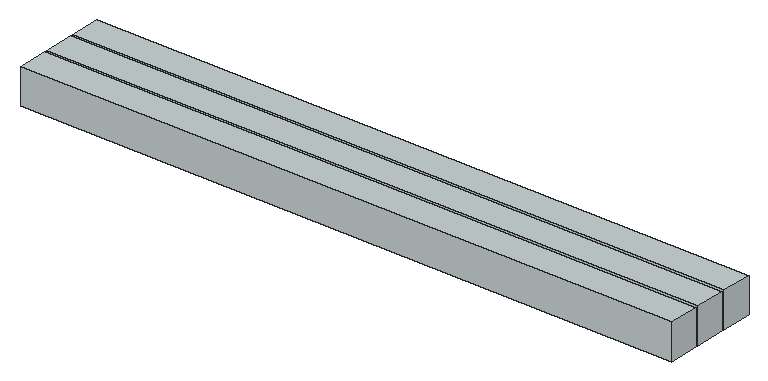
Revit family "PGS_Обобщенная модель_Перемычка составная", category Обобщенные модели, Revit 2022
Family settings
  Основа = Стена
  Может служить основой для арматурных стержней = Нет
  Размер круглого соединителя = Использовать диаметр
  Тип детали = Нормальный
  Всегда вертикально = Да
  При загрузке вырезать с полостями = Нет
  Сохранять ориентацию аннотаций = Нет
  Общий = Да
  Точка принадлежности помещению = Нет
Parameters (values of type "Перемычка составная")
  уголок_опирание [instance] = if(Уголок_Опирание < 100 mm, 100 mm, Уголок_Опирание)  # 250 mm
  толщина стены [instance] = Толщина стены  # 620 mm
  размер четверти [instance] = if(N = 1, 0 mm, if([1-ый элемент перемычки с четвертью], Размер четверти, 0 mm))  # 0 mm
  Ширина проема [instance] = 1010 mm
  Уголок_Опирание [instance] = 250 mm
  Расч_b [instance] = if(N = 1, if(Перемычка 1_Уголок, 0 mm, b), if(b > Толщина сердцевины, Толщина сердцевины, b) + Толщина утеплителя - if(and(Перемычка 1_Уголок, Толщина утеплителя > 0 mm), size_lookup(ТВ2, "t", 2 mm, [Тип 1-го элемента]), 0 mm) + if(and(Перемычка 1_Брусок, Толщина утеплителя > 0 mm), B1, 0 mm))  # 380 mm
  Орг.ТипВключатьВСпецификацию [instance] = no
  Орг.ИзделиеТипПодсчета [instance] = 200  # constant formula
  Мрк.МаркаКонструкции [instance] = ""
  Линия_Длина [instance] = if(and(Перемычка 6, Брусок_Длина_6 > Брусок_Длина_5), Брусок_Длина_6, if(and(Перемычка 5, Брусок_Длина_5 > Брусок_Длина_4), Брусок_Длина_5, if(and(Перемычка 4, Брусок_Длина_4 > Брусок_Длина_3), Брусок_Длина_4, if(and(Перемычка 3, Брусок_Длина_3 > Брусок_Длина_2), Брусок_Длина_3, if(Перемычка 1_Брусок, if(and(Перемычка 2, Брусок_Длина_2 > Брусок_Длина_1), Брусок_Длина_2, Брусок_Длина_1), if(and(Перемычка 2, Брусок_Длина_2 > Уголок_Длина), Брусок_Длина_2, Уголок_Длина))))))  # 2590 mm
  Зазор [instance] = if(Толщина утеплителя > 0 mm, if(N = 2, 0 mm, if(N = 3, Толщина сердцевины - B2 - B3, if(N = 4, (Толщина сердцевины - B2 - B3 - B4) / 2, if(N = 5, (Толщина сердцевины - B2 - B3 - B4 - B5) / 3, if(N = 6, (Толщина сердцевины - B2 - B3 - B4 - B5 - B6) / 4, 0 mm))))), if(N = 1, 0 mm, if(N = 2, Толщина сердцевины - B1 - B2, if(N = 3, (Толщина сердцевины - B1 - B2 - B3) / 2, if(N = 4, (Толщина сердцевины - B1 - B2 - B3 - B4) / 3, if(N = 5, (Толщина сердцевины - B1 - B2 - B3 - B4 - B5) / 4, if(N = 6, (Толщина сердцевины - B1 - B2 - B3 - B4 - B5 - B6) / 5, 0 mm)))))))  # 10 mm
  m_уголка на м.п. [instance] = size_lookup(ТВ2, "ADSK_Масса на единицу длины", 0.00 kg/m, [Тип 1-го элемента])  # 0.00 kg/m
  m_уголка [instance] = m_уголка на м.п. * Уголок_Длина  # 0.00 kg
  m6 [instance] = if(Перемычка 6, size_lookup(ТВ1, "Масса", 0.00 kg, [Тип 6-го элемента]), 0.00 kg)  # 0.00 kg
  m5 [instance] = if(Перемычка 5, size_lookup(ТВ1, "Масса", 0.00 kg, [Тип 5-го элемента]), 0.00 kg)  # 0.00 kg
  m4 [instance] = if(Перемычка 4, size_lookup(ТВ1, "Масса", 0.00 kg, [Тип 4-го элемента]), 0.00 kg)  # 0.00 kg
  m3 [instance] = if(Перемычка 3, size_lookup(ТВ1, "Масса", 0.00 kg, [Тип 3-го элемента]), 0.00 kg)  # 109.00 kg
  m2 [instance] = if(Перемычка 2, size_lookup(ТВ1, "Масса", 0.00 kg, [Тип 2-го элемента]), 0.00 kg)  # 109.00 kg
  m1 [instance] = if(Перемычка 1_Брусок, size_lookup(ТВ1, "Масса", 0.00 kg, [Тип 1-го элемента]), if(Перемычка 1_Уголок, m_уголка, 0.00 kg))  # 109.00 kg
  PGS_МаркаПеремычки [instance] = ""
  ADSK_Обозначение [instance] = ""
  ADSK_Наименование [instance] = "Перемычка сборная"  # constant formula
  ADSK_Масса элемента [instance] = m1 + m2 + m3 + m4 + m5 + m6  # 327.00 kg
  ADSK_Марка [instance] = ""
  ADSK_Количество [instance] = N  # 3
  ADSK_Версия семейства = "1.1"  # constant formula
  ADSK_Версия Revit = "2021"  # constant formula
  1-ый элемент перемычки с четвертью [instance] = yes
  Толщина утеплителя [instance] = 0 mm
  Толщина сердцевины [instance] = 380 mm
  Толщина наружной отделки [instance] = 220 mm
  Толщина внутренней отделки [instance] = 20 mm
  Тип 6-го элемента [instance] = "5ПБ 18-27"
  Тип 5-го элемента [instance] = "2ПБ 26-4"
  Тип 4-го элемента [instance] = "2ПБ 26-4"
  Тип 3-го элемента [instance] = "2ПБ 26-4"
  Тип 2-го элемента [instance] = "2ПБ 26-4"
  Тип 1-го элемента [instance] = "2ПБ 26-4"
  ТВ2 = "Уголок_ГОСТ 8509-93"  # constant formula
  ТВ1 = "Перемычки с.1.038.1-1в1.2.4.5"  # constant formula
  толщина внутренней отделки [instance] = if(Толщина стены - Толщина внутренней отделки - Толщина наружной отделки = Толщина сердцевины, Толщина внутренней отделки, Толщина стены - Толщина внутренней отделки)  # 20 mm
  Размер четверти [instance] = 0 mm
  Перемычка 6 [instance] = N > 5  # no
  Перемычка 5 [instance] = N > 4  # no
  Перемычка 4 [instance] = N > 3  # no
  Перемычка 3 [instance] = N > 2  # yes
  Перемычка 2 [instance] = N > 1  # yes
  Перемычка 1_Уголок [instance] = not(Перемычка 1_Брусок)  # no
  Перемычка 1_Брусок [instance] = size_lookup(ТВ1, "ADSK_Группа конструкций", 0, [Тип 1-го элемента]) > 0  # yes
  Отметка по умолчанию = 0 mm
  Отметка перемычки [instance] = 2000 mm
  Описание = "Перемычка"  # constant formula
  Обозначение бруска ГОСТ/Серия [instance] = yes
  Уголок_Длина [instance] = Ширина проема + 2 * уголок_опирание  # 1510 mm
  Толщина стены [instance] = 620 mm
  Брусок_Длина_6 [instance] = size_lookup(ТВ1, "L", 120 mm, [Тип 6-го элемента])  # 1810 mm
  Брусок_Длина_5 [instance] = size_lookup(ТВ1, "L", 120 mm, [Тип 5-го элемента])  # 2590 mm
  Брусок_Длина_4 [instance] = size_lookup(ТВ1, "L", 120 mm, [Тип 4-го элемента])  # 2590 mm
  Брусок_Длина_3 [instance] = size_lookup(ТВ1, "L", 120 mm, [Тип 3-го элемента])  # 2590 mm
  Брусок_Длина_2 [instance] = size_lookup(ТВ1, "L", 120 mm, [Тип 2-го элемента])  # 2590 mm
  Брусок_Длина_1 [instance] = size_lookup(ТВ1, "L", 1030 mm, [Тип 1-го элемента])  # 2590 mm
  lmin_6 [instance] = size_lookup(ТВ1, "lmin", 100 mm, [Тип 6-го элемента])  # 170 mm
  lmin5 [instance] = size_lookup(ТВ1, "lmin", 100 mm, [Тип 5-го элемента])  # 100 mm
  lmin4 [instance] = size_lookup(ТВ1, "lmin", 100 mm, [Тип 4-го элемента])  # 100 mm
  lmin3 [instance] = size_lookup(ТВ1, "lmin", 100 mm, [Тип 3-го элемента])  # 100 mm
  lmin_2 [instance] = size_lookup(ТВ1, "lmin", 100 mm, [Тип 2-го элемента])  # 100 mm
  lmin_1 [instance] = size_lookup(ТВ1, "lmin", 100 mm, [Тип 1-го элемента])  # 100 mm
  N [instance] = if(Толщина утеплителя > 0 mm, if(Толщина сердцевины - B2 < 120 mm, 2, if(Толщина сердцевины - B2 - B3 < 120 mm, 3, if(Толщина сердцевины - B2 - B3 - B4 < 120 mm, 4, if(Толщина сердцевины - B2 - B3 - B4 - B5 < 120 mm, 5, if(Толщина сердцевины - B2 - B3 - B4 - B5 - B6 < 120 mm, 6, 0))))), if((Толщина сердцевины - B1) < 120 mm, 1, if((Толщина сердцевины - B1 - B2) < 120 mm, 2, if((Толщина сердцевины - B1 - B2 - B3) < 120 mm, 3, if((Толщина сердцевины - B1 - B2 - B3 - B4) < 120 mm, 4, if((Толщина сердцевины - B1 - B2 - B3 - B4 - B5) < 120 mm, 5, if((Толщина сердцевины - B1 - B2 - B3 - B4 - B5 - B6) < 120 mm, 6, 0)))))))  # 3
  Зазор между брусками [instance] = if(Зазор < 0 mm, 10 mm, Зазор)  # 10 mm
  b6 [instance] = B6 + Зазор между брусками  # 260 mm
  b5 [instance] = B5 + Зазор между брусками  # 130 mm
  b4 [instance] = B4 + Зазор между брусками  # 130 mm
  b3 [instance] = B3 + Зазор между брусками  # 130 mm
  b2 [instance] = B2 + Зазор между брусками  # 130 mm
  b1 [instance] = if(Перемычка 1_Брусок, if(N = 1, (Толщина сердцевины + B1) / 2, if(Толщина утеплителя = 0 mm, B1 + Зазор между брусками, B1 + Толщина утеплителя)), if(N = 1, Толщина утеплителя, if(Толщина утеплителя = 0 mm, Толщина утеплителя, Толщина утеплителя - size_lookup(ТВ2, "t", 2 mm, [Тип 1-го элемента]))))  # 130 mm
  b/2 [instance] = if(N = 1, Толщина стены / 2, if(Толщина утеплителя > 0 mm, (b - b1) / 2, b / 2))  # 190 mm
  b [instance] = if(Перемычка 1_Брусок, b1, 0 mm) + if(Перемычка 2, b2, 0 mm) + if(Перемычка 3, b3, 0 mm) + if(Перемычка 4, b4, 0 mm) + if(Перемычка 5, b5, 0 mm) + if(Перемычка 6, b6, 0 mm) + if(Перемычка 1_Уголок, if(Толщина утеплителя = 0 mm, -Зазор между брусками, Толщина утеплителя - size_lookup(ТВ2, "t", 2 mm, [Тип 1-го элемента]) - Зазор между брусками), -Зазор между брусками)  # 380 mm
  B6 [instance] = size_lookup(ТВ1, "b", 120 mm, [Тип 6-го элемента])  # 250 mm
  B5 [instance] = size_lookup(ТВ1, "b", 120 mm, [Тип 5-го элемента])  # 120 mm
  B4 [instance] = size_lookup(ТВ1, "b", 120 mm, [Тип 4-го элемента])  # 120 mm
  B3 [instance] = size_lookup(ТВ1, "b", 120 mm, [Тип 3-го элемента])  # 120 mm
  B2 [instance] = size_lookup(ТВ1, "b", 120 mm, [Тип 2-го элемента])  # 120 mm
  B1 [instance] = size_lookup(ТВ1, "b", 120 mm, [Тип 1-го элемента])  # 120 mm
  ADSK_Распределенная нагрузка по линии [instance] = if(and(Перемычка 1_Брусок, Толщина утеплителя > 0 mm), size_lookup(ТВ1, "Нагрузка", 0.00 kN/m, [Тип 1-го элемента]), 0.00 kN/m) + if(Перемычка 2, size_lookup(ТВ1, "Нагрузка", 0.00 kN/m, [Тип 2-го элемента]), 0.00 kN/m) + if(Перемычка 3, size_lookup(ТВ1, "Нагрузка", 0.00 kN/m, [Тип 3-го элемента]), 0.00 kN/m) + if(Перемычка 4, size_lookup(ТВ1, "Нагрузка", 0.00 kN/m, [Тип 4-го элемента]), 0.00 kN/m) + if(Перемычка 5, size_lookup(ТВ1, "Нагрузка", 0.00 kN/m, [Тип 5-го элемента]), 0.00 kN/m) + if(Перемычка 6, size_lookup(ТВ1, "Нагрузка", 0.00 kN/m, [Тип 6-го элемента]), 0.00 kN/m)  # 7.84 kN/m
  ADSK_Позиция_Сортировка [instance] = if(Перемычка 1_Брусок, size_lookup(ТВ1, "ADSK_Группа конструкций", 0, [Тип 1-го элемента]), size_lookup(ТВ2, "ADSK_Группа конструкций", 0, [Тип 1-го элемента]) * Уголок_Длина / 1000 mm) * 10000000000 + if(Перемычка 2, size_lookup(ТВ1, "ADSK_Группа конструкций", 0, [Тип 2-го элемента]), 0) * 100000000 + if(Перемычка 3, size_lookup(ТВ1, "ADSK_Группа конструкций", 0, [Тип 3-го элемента]), 0) * 1000000 + if(Перемычка 4, size_lookup(ТВ1, "ADSK_Группа конструкций", 0, [Тип 4-го элемента]), 0) * 10000 + if(Перемычка 5, size_lookup(ТВ1, "ADSK_Группа конструкций", 0, [Тип 5-го элемента]), 0) * 100 + if(Перемычка 6, size_lookup(ТВ1, "ADSK_Группа конструкций", 0, [Тип 6-го элемента]), 0) + if(размер четверти > 0 mm, 0.1, 0) + if(Толщина утеплителя > 0 mm, 0.2, 0)  # 181818000000
  ADSK_Группирование [instance] = "Родительское"
  ADSK_Группа конструкций [instance] = 6
Reference planes
  plane 1 "Стена": y = 0
  plane 2 "По центру (Влево/Вправо)": x = 125
  plane 3 "Сзади": y = 310
  plane 4: y = -290
  plane 5: y = 90
  plane 6: y = -40
  plane 7: y = -170
  plane 8: y = -300
  plane 9: y = -430
  plane 10: y = -560
  plane 11 "Плоскость отметки": z = 2000
  plane 12: y = -100
  plane 13: z = 2000
  plane 14: y = -310
  plane 15: z = 0
  plane 16: x = -380
  plane 17: x = 630
  plane 18: x = -630
  plane 19: x = 880
  plane 20: x = -1170
  plane 21: x = 1420
Lines and regions (mm)
  model lines, style "InvisibleLines", not visible
    curve 1: line (125, 0, 2000) -> (125, 0, 0)
  symbolic lines, style "Условные элементы", detail levels coarse
    curve 2: line (-1170, -100, 0) -> (1420, -100, 0)
Text (mm)
  text "Сторона размещения" at (-1848.837, 1116.779, 0), in view "Опорный уровень"
  text "Сторона размещения" at (0, 1409.804, 2854.306), in view "Слева"
  text "Сторона размещения" at (0, 499.811, 2980.732), in view "Справа"
Dimensions and locks
  locked: plane 3 "Сзади" to host wall
  "b1": plane 5 to plane 6
  "b2": plane 6 to plane 7
  "b3": plane 7 to plane 8
  "b4": plane 8 to plane 9
  "b5": plane 9 to plane 10
  "Толщина сердцевины": host wall to host wall
  "размер четверти": plane 11 "Плоскость отметки" to plane 13
  "Расч_b": plane 5 to plane 4
  "Толщина внутренней отделки": host wall to host wall
  "толщина внутренней отделки": plane 4 to plane 14
  "Толщина стены": host wall to host wall
  "толщина стены": plane 3 "Сзади" to plane 14
  "Отметка перемычки": plane 11 "Плоскость отметки" to plane 15
  "Толщина наружной отделки": host wall to host wall
  equal spacing: host wall, plane 12, host wall
  equal spacing: plane 16, plane 2 "По центру (Влево/Вправо)", plane 17
  "Ширина проема": plane 16 to plane 17
  "уголок_опирание": plane 17 to plane 19
  "уголок_опирание": plane 18 to plane 16
  equal spacing: plane 20, plane 2 "По центру (Влево/Вправо)", plane 21
  "Линия_Длина": plane 20 to plane 21
  aligned and locked: plane 1 "Стена" to host wall
  aligned and locked: plane 2 "По центру (Влево/Вправо)" to nested 1
  aligned and locked: plane 2 "По центру (Влево/Вправо)" to nested 2
  aligned and locked: plane 2 "По центру (Влево/Вправо)" to nested 3
  aligned and locked: plane 2 "По центру (Влево/Вправо)" to nested 4
  aligned and locked: plane 2 "По центру (Влево/Вправо)" to nested 5
  aligned and locked: plane 2 "По центру (Влево/Вправо)" to nested 6
  aligned and locked: plane 5 to nested 6
  aligned and locked: plane 6 to nested 5
  aligned and locked: plane 7 to nested 4
  aligned and locked: plane 8 to nested 3
  aligned and locked: plane 9 to nested 2
  aligned and locked: plane 10 to nested 1
  aligned and locked: plane 13 to nested 7
  aligned and locked: level to plane 15
  aligned and locked: plane 2 "По центру (Влево/Вправо)" to curve 1
  aligned and locked: curve 2 to plane 12
  aligned and locked: plane 5 to nested 7
  aligned and locked: nested 7 to plane 2 "По центру (Влево/Вправо)"
  aligned and locked: plane 20 to curve 2
  aligned and locked: plane 21 to curve 2
Automatic sketch dimensions
  curve 1 to level = 0 mm
  curve 1 to plane 11 "Плоскость отметки" = 0 mm
Nested families
  nested 1: "ADSK_Обобщенная модель_Элемент перемычки" at (125, -685, 2000), visible <- "Перемычка 6", Тип элемента <- "Тип 6-го элемента", ADSK_Группа конструкций <- "ADSK_Группа конструкций", Обозначение ГОСТ/Серия <- "Обозначение бруска ГОСТ/Серия", ADSK_Марка <- "ADSK_Марка", Орг.ТипВключатьВСпецификацию <- "Орг.ТипВключатьВСпецификацию", Мрк.МаркаКонструкции <- "Мрк.МаркаКонструкции", type "ADSK_Обобщенная модель_Элемент перемычки", detail levels medium+fine
    with Ширина 250 mm, Тип элемента "5ПБ 18-27", Смещение по вертикали 110 mm, Орг.ТипВключатьВСпецификацию no, Орг.ИзделиеТипПодсчета 100, Обозначение ГОСТ/Серия yes, Назначение "Для жилых и общественных зданий", Монтажные петли no, Материал ADSK_Бетон_Железобетон сборный, МПиАВ 0, Длина 1810 mm, Высота 220 mm, Анкерные выпуски no, lmin 170 mm, PGS_МаркаПеремычки "", ADSK_Распределенная нагрузка по линии 27.50 kN/m, ADSK_Позиция ведомость элементов "", ADSK_Обозначение "ГОСТ 948-2016", ADSK_НаименованиеСоставное_Текст1 "Перемычка брусковая", ADSK_Наименование "5ПБ 18-27", ADSK_Масса элемента 250.00 kg, Мрк.МаркаКонструкции "", Мрк.МаркаИзделия "", ADSK_Марка "", ADSK_Количество 1, ADSK_Группирование "Вложенное", ADSK_Группа конструкций 6, ADSK_Главная деталь конструкции no
  nested 2: "ADSK_Обобщенная модель_Элемент перемычки" at (125, -490, 2000), visible <- "Перемычка 5", Тип элемента <- "Тип 5-го элемента", ADSK_Группа конструкций <- "ADSK_Группа конструкций", Обозначение ГОСТ/Серия <- "Обозначение бруска ГОСТ/Серия", ADSK_Марка <- "ADSK_Марка", Орг.ТипВключатьВСпецификацию <- "Орг.ТипВключатьВСпецификацию", Мрк.МаркаКонструкции <- "Мрк.МаркаКонструкции", type "ADSK_Обобщенная модель_Элемент перемычки", detail levels medium+fine
    with Ширина 120 mm, Тип элемента "2ПБ 26-4", Смещение по вертикали 70 mm, Орг.ТипВключатьВСпецификацию no, Орг.ИзделиеТипПодсчета 100, Обозначение ГОСТ/Серия yes, Назначение "Для жилых и общественных зданий", Монтажные петли no, Материал ADSK_Бетон_Железобетон сборный, МПиАВ 0, Длина 2590 mm, Высота 140 mm, Анкерные выпуски no, lmin 100 mm, PGS_МаркаПеремычки "", ADSK_Распределенная нагрузка по линии 3.92 kN/m, ADSK_Позиция ведомость элементов "", ADSK_Обозначение "ГОСТ 948-2016", ADSK_НаименованиеСоставное_Текст1 "Перемычка брусковая", ADSK_Наименование "2ПБ 26-4", ADSK_Масса элемента 109.00 kg, Мрк.МаркаКонструкции "", Мрк.МаркаИзделия "", ADSK_Марка "", ADSK_Количество 1, ADSK_Группирование "Вложенное", ADSK_Группа конструкций 6, ADSK_Главная деталь конструкции no
  nested 3: "ADSK_Обобщенная модель_Элемент перемычки" at (125, -360, 2000), visible <- "Перемычка 4", Тип элемента <- "Тип 4-го элемента", ADSK_Группа конструкций <- "ADSK_Группа конструкций", Обозначение ГОСТ/Серия <- "Обозначение бруска ГОСТ/Серия", ADSK_Марка <- "ADSK_Марка", Орг.ТипВключатьВСпецификацию <- "Орг.ТипВключатьВСпецификацию", Мрк.МаркаКонструкции <- "Мрк.МаркаКонструкции", type "ADSK_Обобщенная модель_Элемент перемычки", detail levels medium+fine
    with Ширина 120 mm, Тип элемента "2ПБ 26-4", Смещение по вертикали 70 mm, Орг.ТипВключатьВСпецификацию no, Орг.ИзделиеТипПодсчета 100, Обозначение ГОСТ/Серия yes, Назначение "Для жилых и общественных зданий", Монтажные петли no, Материал ADSK_Бетон_Железобетон сборный, МПиАВ 0, Длина 2590 mm, Высота 140 mm, Анкерные выпуски no, lmin 100 mm, PGS_МаркаПеремычки "", ADSK_Распределенная нагрузка по линии 3.92 kN/m, ADSK_Позиция ведомость элементов "", ADSK_Обозначение "ГОСТ 948-2016", ADSK_НаименованиеСоставное_Текст1 "Перемычка брусковая", ADSK_Наименование "2ПБ 26-4", ADSK_Масса элемента 109.00 kg, Мрк.МаркаКонструкции "", Мрк.МаркаИзделия "", ADSK_Марка "", ADSK_Количество 1, ADSK_Группирование "Вложенное", ADSK_Группа конструкций 6, ADSK_Главная деталь конструкции no
  nested 4: "ADSK_Обобщенная модель_Элемент перемычки" at (125, -230, 2000), visible <- "Перемычка 3", Тип элемента <- "Тип 3-го элемента", ADSK_Группа конструкций <- "ADSK_Группа конструкций", Обозначение ГОСТ/Серия <- "Обозначение бруска ГОСТ/Серия", ADSK_Марка <- "ADSK_Марка", Орг.ТипВключатьВСпецификацию <- "Орг.ТипВключатьВСпецификацию", Мрк.МаркаКонструкции <- "Мрк.МаркаКонструкции", type "ADSK_Обобщенная модель_Элемент перемычки", detail levels medium+fine
    with Ширина 120 mm, Тип элемента "2ПБ 26-4", Смещение по вертикали 70 mm, Орг.ТипВключатьВСпецификацию no, Орг.ИзделиеТипПодсчета 100, Обозначение ГОСТ/Серия yes, Назначение "Для жилых и общественных зданий", Монтажные петли no, Материал ADSK_Бетон_Железобетон сборный, МПиАВ 0, Длина 2590 mm, Высота 140 mm, Анкерные выпуски no, lmin 100 mm, PGS_МаркаПеремычки "", ADSK_Распределенная нагрузка по линии 3.92 kN/m, ADSK_Позиция ведомость элементов "", ADSK_Обозначение "ГОСТ 948-2016", ADSK_НаименованиеСоставное_Текст1 "Перемычка брусковая", ADSK_Наименование "2ПБ 26-4", ADSK_Масса элемента 109.00 kg, Мрк.МаркаКонструкции "", Мрк.МаркаИзделия "", ADSK_Марка "", ADSK_Количество 1, ADSK_Группирование "Вложенное", ADSK_Группа конструкций 6, ADSK_Главная деталь конструкции no
  nested 5: "ADSK_Обобщенная модель_Элемент перемычки" at (125, -100, 2000), visible <- "Перемычка 2", Тип элемента <- "Тип 2-го элемента", ADSK_Группа конструкций <- "ADSK_Группа конструкций", Обозначение ГОСТ/Серия <- "Обозначение бруска ГОСТ/Серия", ADSK_Марка <- "ADSK_Марка", Орг.ТипВключатьВСпецификацию <- "Орг.ТипВключатьВСпецификацию", Мрк.МаркаКонструкции <- "Мрк.МаркаКонструкции", type "ADSK_Обобщенная модель_Элемент перемычки", detail levels medium+fine
    with Ширина 120 mm, Тип элемента "2ПБ 26-4", Смещение по вертикали 70 mm, Орг.ТипВключатьВСпецификацию no, Орг.ИзделиеТипПодсчета 100, Обозначение ГОСТ/Серия yes, Назначение "Для жилых и общественных зданий", Монтажные петли no, Материал ADSK_Бетон_Железобетон сборный, МПиАВ 0, Длина 2590 mm, Высота 140 mm, Анкерные выпуски no, lmin 100 mm, PGS_МаркаПеремычки "", ADSK_Распределенная нагрузка по линии 3.92 kN/m, ADSK_Позиция ведомость элементов "", ADSK_Обозначение "ГОСТ 948-2016", ADSK_НаименованиеСоставное_Текст1 "Перемычка брусковая", ADSK_Наименование "2ПБ 26-4", ADSK_Масса элемента 109.00 kg, Мрк.МаркаКонструкции "", Мрк.МаркаИзделия "", ADSK_Марка "", ADSK_Количество 1, ADSK_Группирование "Вложенное", ADSK_Группа конструкций 6, ADSK_Главная деталь конструкции no
  nested 6: "ADSK_Обобщенная модель_Элемент перемычки" at (125, 30, 2000), visible <- "Перемычка 1_Брусок", Тип элемента <- "Тип 1-го элемента", ADSK_Группа конструкций <- "ADSK_Группа конструкций", Обозначение ГОСТ/Серия <- "Обозначение бруска ГОСТ/Серия", ADSK_Марка <- "ADSK_Марка", Орг.ТипВключатьВСпецификацию <- "Орг.ТипВключатьВСпецификацию", Мрк.МаркаКонструкции <- "Мрк.МаркаКонструкции", type "ADSK_Обобщенная модель_Элемент перемычки", detail levels medium+fine
    with Ширина 120 mm, Тип элемента "2ПБ 26-4", Смещение по вертикали 70 mm, Орг.ТипВключатьВСпецификацию no, Орг.ИзделиеТипПодсчета 100, Обозначение ГОСТ/Серия yes, Назначение "Для жилых и общественных зданий", Монтажные петли no, Материал ADSK_Бетон_Железобетон сборный, МПиАВ 0, Длина 2590 mm, Высота 140 mm, Анкерные выпуски no, lmin 100 mm, PGS_МаркаПеремычки "", ADSK_Распределенная нагрузка по линии 3.92 kN/m, ADSK_Позиция ведомость элементов "", ADSK_Обозначение "ГОСТ 948-2016", ADSK_НаименованиеСоставное_Текст1 "Перемычка брусковая", ADSK_Наименование "2ПБ 26-4", ADSK_Масса элемента 109.00 kg, Мрк.МаркаКонструкции "", Мрк.МаркаИзделия "", ADSK_Марка "", ADSK_Количество 1, ADSK_Группирование "Вложенное", ADSK_Группа конструкций 6, ADSK_Главная деталь конструкции yes
  nested 7: "ADSK_ОбобщеннаяМодель_Уголок_ГОСТ 8509-93" at (125, 90, 2000) x (-1, 0, 0) z (0, 0, 1), Тип уголка <- "Тип 1-го элемента", visible <- "Перемычка 1_Уголок", Мрк.МаркаКонструкции <- "Мрк.МаркаКонструкции", Орг.ТипВключатьВСпецификацию <- "Орг.ТипВключатьВСпецификацию", ADSK_Масса элемента <- "m_уголка", type "ADSK_ОбобщеннаяМодель_Уголок_ГОСТ 8509-93", detail levels medium+fine
    with Тип уголка "2ПБ 26-4", Смещение по Z yes, Смещение по Y yes, Профиль развернут no, Орг.ТипВключатьВСпецификацию no, Орг.ИзделиеТипПодсчета 100, t 0.3 cm, r 0.12 cm, iyo 0.0 cm, ix 0.0 cm, b 2.0 cm, Z 1.2 mm, Y 1.2 mm, Xo 0.12 cm, Wyo 0.0 cm³, Wx 0.0 cm³, R 0.35 cm, PGS_МаркаПеремычки "", Iyo 0.00 cm⁴, Ixy 0.00 cm⁴, Ixo 0.00 cm⁴, Ix 0.00 cm⁴, ADSK_Тип элемента КМ 2, ADSK_Размер_Длина 1510 mm, ADSK_Позиция ведомость элементов "", ADSK_Наименование профиля "Уголки стальные горячекатаные равнополочные", ADSK_Наименование краткое "Неверный тип уголка", ADSK_Наименование "Неверный тип уголка", ADSK_Материал ADSK_Металл_Сталь литейная, ADSK_Масса элемента 0.00 kg, ADSK_Масса на единицу длины 0.00 kg/m, Мрк.МаркаКонструкции "", Мрк.МаркаИзделия "", ADSK_Деталь наоборот no, ADSK_Группирование "Вложенное", ADSK_Группа конструкций 6, ADSK_Главная деталь конструкции yes, Орг.ГлавнаяДетальСборки no
Definition of nested family "ADSK_Обобщенная модель_Элемент перемычки"
  Parameters (values of type "ADSK_Обобщенная модель_Элемент перемычки")
    Ширина [instance] = size_lookup(ТВ1, "b", 120 mm, Тип элемента)  # 120 mm
    Тип элемента [instance] = "2ПБ 29-4-п"
    ТВ1 = "Перемычки с.1.038.1-1в1.4.5"  # constant formula
    Смещение по вертикали [instance] = Высота / 2  # 70 mm
    Default Elevation = 1219.2 mm
    Орг.ТипВключатьВСпецификацию [instance] = yes
    Орг.ИзделиеТипПодсчета [instance] = 100  # constant formula
    Обозначение ГОСТ/Серия [instance] = yes
    Назначение [instance] = size_lookup(ТВ1, "Назначение", "Элемент не найден", Тип элемента)  # "Для жилых и общественных зданий"
    Монтажные петли [instance] = or(МПиАВ = 1, МПиАВ = 3)  # yes
    Материал [instance] = none
    МПиАВ [instance] = size_lookup(ТВ1, "МПиАВ", 0, Тип элемента)  # 1
    Длина [instance] = size_lookup(ТВ1, "L", 1030 mm, Тип элемента)  # 2850 mm
    Высота [instance] = size_lookup(ТВ1, "h", 65 mm, Тип элемента)  # 140 mm
    Анкерные выпуски [instance] = or(МПиАВ = 2, МПиАВ = 3)  # no
    lmin [instance] = size_lookup(ТВ1, "lmin", 100 mm, Тип элемента)  # 100 mm
    PGS_МаркаПеремычки [instance] = ""
    ADSK_Распределенная нагрузка по линии [instance] = size_lookup(ТВ1, "Нагрузка", 0.00 kN/m, Тип элемента)  # 3.92 kN/m
    ADSK_Позиция ведомость элементов [instance] = ""
    ADSK_Обозначение [instance] = if([Обозначение ГОСТ/Серия], size_lookup(ТВ1, "ГОСТ", "Элемент не найден", Тип элемента), size_lookup(ТВ1, "Описание", "Элемент не найден", Тип элемента))  # "ГОСТ 948-2016"
    ADSK_НаименованиеСоставное_Текст1 [instance] = size_lookup(ТВ1, "Наименование", "Элемент не найден", Тип элемента)  # "Перемычка брусковая"
    ADSK_Наименование [instance] = size_lookup(ТВ1, "", "Элемент не найден", Тип элемента)  # "2ПБ 29-4-п"
    ADSK_Масса элемента [instance] = size_lookup(ТВ1, "Масса", 0.00 kg, Тип элемента)  # 120.00 kg
    Мрк.МаркаКонструкции [instance] = ""
    Мрк.МаркаИзделия [instance] = ""
    ADSK_Марка [instance] = ""
    ADSK_Количество [instance] = 1  # constant formula
    ADSK_Группирование [instance] = "Вложенное"  # constant formula
    ADSK_Группа конструкций [instance] = 6
    ADSK_Главная деталь конструкции [instance] = no
    Орг.ГлавнаяДетальСборки = no
    ADSK_Версия семейства = "1.0"  # constant formula
    ADSK_Версия Revit = "2021"  # constant formula
  Reference planes
    plane 1 "По центру (Вперед/Назад)": y = 0
    plane 2: z = 0
    plane 3 "По центру (Влево/Вправо)": x = 0
    plane 4: x = -1425
    plane 5: x = 1425
    plane 6: y = -60
    plane 7: y = 60
    plane 8: z = 140
  Forms (mm)
    Sweep 1, solid, material <- "Материал"
      path origin (0, 0, 0) x (1, 0, 0) y (0, 1, 0)
        loop
          line (-1425, 0) -> (1425, 0)
      profile "ADSK_Профиль_Прямоугольник : ADSK_Профиль_Прямоугольник" origin (0, 0, 0) x (0, 1, 0) y (0, 0, 1)
        loop
          line (-60, 140) -> (-60, 0) -> (60, 0) -> (60, 140) -> (-60, 140)
  Dimensions and locks
    equal spacing: plane 4, plane 3 "По центру (Влево/Вправо)", plane 5
    "Длина": plane 4 to plane 5
    equal spacing: plane 7, plane 1 "По центру (Вперед/Назад)", plane 6
    "Ширина": plane 7 to plane 6
    "Высота": plane 8 to level
    aligned and locked: level to plane 2
  Automatic sketch dimensions
    plane 1 "По центру (Вперед/Назад)" to Sweep 1 sketch curve = 0 mm
    Sweep 1 sketch curve to plane 4 = 0 mm
    Sweep 1 sketch curve to plane 5 = 0 mm
Definition of nested family "ADSK_ОбобщеннаяМодель_Уголок_ГОСТ 8509-93"
  Parameters (values of type "ADSK_ОбобщеннаяМодель_Уголок_ГОСТ 8509-93")
    Смещение по Z [instance] = no
    Смещение по Y [instance] = no
    Тип уголка [instance] = "50х5"
    ТВ = "Уголок_ГОСТ8509-93"  # constant formula
    Профиль развернут [instance] = no
    Default Elevation = 1219.2 mm
    Орг.ТипВключатьВСпецификацию [instance] = no
    Орг.ИзделиеТипПодсчета [instance] = 100  # constant formula
    r [instance] = size_lookup(ТВ, "r", 0.12 cm, ADSK_Наименование)  # 0.18 cm
    iyo [instance] = size_lookup(ТВ, "iyo", 0.0 cm, ADSK_Наименование)  # 0.98 cm
    ix [instance] = size_lookup(ТВ, "ix", 0.0 cm, ADSK_Наименование)  # 1.53 cm
    b [instance] = size_lookup(ТВ, "b", 2.0 cm, ADSK_Наименование)  # 5.0 cm
    t [instance] = size_lookup(ТВ, "t", 0.3 cm, ADSK_Наименование)  # 0.5 cm
    Z [instance] = if(Смещение по Z, Xo, 0 mm)  # 0 mm
    Y [instance] = if(Профиль развернут, if(Смещение по Y, b - Xo, 0 mm), if(Смещение по Y, Xo, 0 mm))  # 0 mm
    Xo [instance] = size_lookup(ТВ, "Xo", 0.12 cm, ADSK_Наименование)  # 1.42 cm
    Wyo [instance] = size_lookup(ТВ, "Wyo", 0.0 cm³, ADSK_Наименование)  # 2.3 cm³
    Wx [instance] = size_lookup(ТВ, "Wx", 0.0 cm³, ADSK_Наименование)  # 3.13 cm³
    R [instance] = size_lookup(ТВ, "R", 0.35 cm, ADSK_Наименование)  # 0.55 cm
    PGS_МаркаПеремычки [instance] = ""
    Iyo [instance] = size_lookup(ТВ, "Iyo", 0.00 cm⁴, ADSK_Наименование)  # 4.63 cm⁴
    Ixy [instance] = size_lookup(ТВ, "Ixy", 0.00 cm⁴, ADSK_Наименование)  # 6.57 cm⁴
    Ixo [instance] = size_lookup(ТВ, "Ixo", 0.00 cm⁴, ADSK_Наименование)  # 17.77 cm⁴
    Ix [instance] = size_lookup(ТВ, "Ix", 0.00 cm⁴, ADSK_Наименование)  # 11.20 cm⁴
    ADSK_Размер_Длина [instance] = 500 mm
    ADSK_Позиция ведомость элементов [instance] = ""
    ADSK_Обозначение = "ГОСТ 8509-93"  # constant formula
    ADSK_НаименованиеСоставное_Префикс = ""  # constant formula
    ADSK_НаименованиеСоставное_Текст1 = "Уголок"  # constant formula
    ADSK_Наименование краткое [instance] = ADSK_Наименование  # "50x5"
    ADSK_Наименование [instance] = size_lookup(ТВ, "", "Неверный тип уголка", Тип уголка)  # "50x5"
    ADSK_Материал [instance] = none
    ADSK_Масса элемента [instance] = 1.885 kg
    ADSK_Масса на единицу длины [instance] = size_lookup(ТВ, "ADSK_Масса на единицу длины", 0.00 kg/m, ADSK_Наименование)  # 3.77 kg/m
    Мрк.МаркаКонструкции [instance] = ""
    ADSK_Тип элемента КМ [instance] = 2
    ADSK_Наименование профиля [instance] = "Уголки стальные горячекатаные равнополочные"  # constant formula
    Мрк.МаркаИзделия [instance] = ""
    ADSK_Деталь наоборот [instance] = no
    ADSK_Группирование [instance] = ""
    ADSK_Группа конструкций [instance] = 6
    ADSK_Главная деталь конструкции [instance] = no
    Орг.ГлавнаяДетальСборки [instance] = no
    ADSK_Высота строки_Изображение = 0
    ADSK_Версия семейства = "1.0"  # constant formula
    ADSK_Версия Revit = "2022"  # constant formula
  Reference planes
    plane 1 "По центру (Вперед/Назад)": y = 0
    plane 2: z = 0
    plane 3 "По центру (Влево/Вправо)": x = 0
    plane 4: x = -250
    plane 5: x = 250
  Forms (mm)
    Sweep 1, solid, material <- "ADSK_Материал", detail levels coarse+medium
      path origin (0, 0, 0) x (1, 0, 0) y (0, 1, 0)
        loop
          line (250, 0) -> (-250, 0)
      profile "ADSK_Профиль_Уголок_ГОСТ 8509-93(ГОСТ 8510-86)_Средний : ADSK_Профиль_Уголок_ГОСТ 8509-93(ГОСТ 8510-86)_Средний" origin (0, 0, 0) x (0, -1, 0) y (0, 0, 1)
        loop
          line (-14.2, 35.8) -> (-14.2, -14.2) -> (35.8, -14.2) -> (35.8, -9.2) -> (-9.2, -9.2) -> (-9.2, 35.8) -> (-14.2, 35.8)
    Sweep 2, solid, material <- "ADSK_Материал", detail levels fine
      path origin (0, 0, 0) x (1, 0, 0) y (0, 1, 0)
        loop
          line (250, 0) -> (-250, 0)
      profile "ADSK_Профиль_Уголок_ГОСТ 8509-93(ГОСТ 8510-86)_Высокий : ADSK_Профиль_Уголок_ГОСТ 8509-93(ГОСТ 8510-86)_Высокий" origin (0, 0, 0) x (0, -1, 0) y (0, 0, 1)
        loop
          line (-14.2, 35.8) -> (-14.2, -14.2) -> (35.8, -14.2) -> (35.8, -11)
          arc (35.8, -11) -> (35.273, -9.727) -> (34, -9.2) r 1.8
          line (34, -9.2) -> (-3.7, -9.2)
          arc (-3.7, -9.2) -> (-7.589, -7.589) -> (-9.2, -3.7) r 5.5
          line (-9.2, -3.7) -> (-9.2, 34)
          arc (-9.2, 34) -> (-9.727, 35.273) -> (-11, 35.8) r 1.8
          line (-11, 35.8) -> (-14.2, 35.8)
  Lines and regions (mm)
    symbolic lines
      curve 1: line (250, 0, -9.2) -> (-250, 0, -9.2)
      curve 2: line (-250, 9.2, -10) -> (250, 9.2, -10)
  Dimensions and locks
    equal spacing: plane 4, plane 3 "По центру (Влево/Вправо)", plane 5
    "ADSK_Размер_Длина": plane 4 to plane 5
    aligned and locked: level to plane 2
    aligned and locked: plane 1 "По центру (Вперед/Назад)" to Sweep 1 sketch curve
    aligned and locked: plane 5 to Sweep 1 sketch curve
    aligned and locked: plane 4 to Sweep 1 sketch curve
    aligned and locked: Sweep 2 sketch curve to plane 1 "По центру (Вперед/Назад)"
    aligned and locked: plane 4 to Sweep 2 sketch curve
    aligned and locked: plane 5 to Sweep 2 sketch curve
    aligned and locked: plane 5 to curve 1
    aligned and locked: plane 4 to curve 1
    aligned and locked: plane 4 to curve 2
    aligned and locked: plane 5 to curve 2
    aligned and locked: curve 1 to Sweep 1
    aligned and locked: curve 2 to Sweep 1
